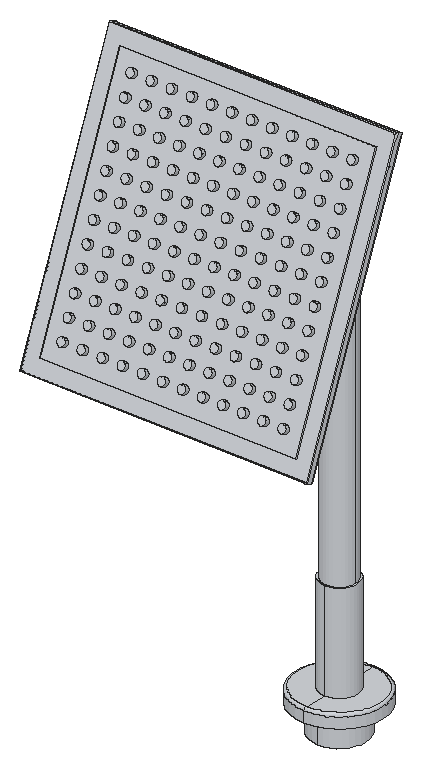
Revit family "BL-8730-11 REGADERA ISEO CUADRADA 21,5 CM", category Plumbing Fixtures, host Face, Revit 2018
Family settings
  Host = Face
  Round Connector Dimension = Use Diameter
  Part Type = Normal
  OmniClass Number = 23.31.11.00
  Cut with Voids When Loaded = No
  Shared = No
  Room Calculation Point = No
Parameters (values of type "BL-8730-11")
  Waste Water Outlet = ""
  Waste Connection = 1 = 0  # no
  Vent Connection = 1 = 0  # no
  URL = "https://www.gricol.com/"
  Type Image = <None>
  Profundidad = 350 mm
  Product Name = "REGADERA ISEO CUADRADA 21,5 CM\r"  # constant formula
  Presion Maxima = 125.00 psi
  Plastico ABS Cromado = Plastico ABS Cromado
  Model = "BL-8730-11"  # constant formula
  Metal Laton Cromado = Metal Laton Cromado
  Metal Acero Inoxidable Cromado = Metal Acero Inoxidable Cromado
  Manufacturer = "Gricol"  # constant formula
  Link Ficha Tecnica = "http://infotecnica.gricol.com/FT_BL873011.pdf"
  HW Connection = 1 = 1  # yes
  Ancho = 215.088 mm
  Description = "Regadera"  # constant formula
  Default Elevation = 0 mm
  Date Modified = ""
  Date Created = "05/28/2020"  # constant formula
  Copyright = "All rights reserved © Gricol - 2020."  # constant formula
  CW Connection = 1 = 1  # yes
  Assembly Code = ""
  Alto = 143.125 mm
Reference planes
  plane 1 "Center (Front/Back)": y = 0
  plane 2: z = 0
  plane 3 "Center (Left/Right)": x = 0
  plane 4: y = -125.769
  plane 5: x = -107.544
  plane 6: x = 107.544
  plane 7: z = 350
  plane 8: y = 68.974
  plane 9: y = -74.151
Dimensions and locks
  equal spacing: plane 5, plane 3 "Center (Left/Right)", plane 6
  "Ancho": plane 5 to plane 6
  "Profundidad": plane 7 to level
  "Alto": plane 8 to plane 9
  aligned and locked: plane 2 to host face
  aligned and locked: level to host face
Automatic sketch dimensions
  host sketch curve to host sketch curve = 2438.4 mm  (x2)
Nested families
  nested 1: "REGADERA ISEO CUADRADA 21,5 CM" at (-0.203, 42.302, 0), type "REGADERA ISEO CUADRADA 21,5 CM"
Connectors
  piping at (-0.203, 38.871, -20), diameter 12.7
    settings: on nested 1, index 1, connector inside diameter 24", connector length 0 mm, flow factor 0, pipe flow 0 GPM, pressure drop 0.00 psi, fitting loss kfactor 0, connector angle 0.00°, fixture units 0, engagement length 0 mm, angle of deflection 0.00°, flow configuration 0, flow direction 0, fitting loss method 0, system type 7, joint type 0, gender type 0, connector reference index -1, connector utility 0, adjustable connector no, is connector primary yes, connector description ""
Definition of nested family "REGADERA ISEO CUADRADA 21,5 CM"
  Parameters (values of type "REGADERA ISEO CUADRADA 21,5 CM")
    Plastico ABS Cromado [instance] = none
    Metal Laton Cromado [instance] = none
    Metal Acero Inoxidable Cromado [instance] = none
  Reference planes
    plane 1 "Center (Front/Back)": y = 0
    plane 2: z = 0
    plane 3 "Center (Left/Right)": x = 0
    plane 4: x = 31.75
    plane 5: x = -31.75
    plane 6: z = 201.612
    plane 7: y = -115.888
    plane 8: z = 360
    plane 9: x = -0.203
    plane 10: x = 0.203
    plane 11: z = 20.362
    plane 12: x = -107.35
    plane 13: x = 107.757
    plane 14: through (0, -65.359, 460.739) normal (0, -0.9205, 0.3907)
    plane 15: through (0, -79.621, 469.308) normal (0, -0.9205, 0.3907)
    plane 16: through (0, -112.916, 348.702) normal (0, 0.3907, 0.9205)
    plane 17: through (0, -67.827, 446.176) normal (0, 0.3907, 0.9205)
    plane 18: through (0, -161.602, 252.754) normal (0, 0.3907, 0.9205)
    plane 19: y = 29.264
    plane 20: y = -36.125
  Forms (mm)
    Revolve 1, solid, material <- "Metal Acero Inoxidable Cromado"
      sketch origin (0, 0, 0) x (0, 1, 0) y (0, 0, 1)
        loop
          line (-36.125, 0) -> (-23.437, 0) -> (-23.437, -20) -> (-9.056, -20) -> (-9.056, 0) -> (-9.056, 10.014) -> (-34.253, 10.014)
          arc (-34.253, 10.014) -> (-35.577, 9.465) -> (-36.125, 8.141) r 1.872
          line (-36.125, 8.141) -> (-36.125, 0)
        axis (-3.431, -20) -> (-3.431, 10.014)
      angle from 0 to 360
    Sweep 2, solid, material <- "Plastico ABS Cromado"
      path origin (0, 0, 5) x (0, 1, 0) y (0, 0, 1)
        loop
          line (-61.908, 326.02) -> (-24.056, 313.809)
          arc (-24.056, 313.809) -> (-8.964, 298.916) -> (-3.431, 278.448) r 40.625
          line (-3.431, 278.448) -> (-3.431, 78.448)
      profile origin (0, -3.431, 183.448) x (1, 0, 0) y (0, 1, 0)
        loop
          circle (0, 0) r 12
    Revolve 3, solid, material <- "Metal Acero Inoxidable Cromado", not visible, detail levels medium+fine
      sketch origin (0, 0, 0) x (0, 1, 0) y (0, 0, 1)
        loop
          arc (-90.688, 223.824) -> (-99.15, 216.983) -> (-107.326, 209.802) r 267.036
          arc (-107.326, 209.802) -> (-107.577, 209.271) -> (-107.384, 208.716) r 0.776
          arc (-107.384, 208.716) -> (-107.9, 208.971) -> (-108.441, 208.776) r 0.735
          arc (-108.441, 208.776) -> (-112.199, 205.23) -> (-115.888, 201.612) r 267.036
          line (-115.888, 201.612) -> (-32.464, 118.189) -> (-24.343, 126.311)
          arc (-24.343, 126.311) -> (-24.097, 126.905) -> (-24.343, 127.499) r 0.84
          line (-24.343, 127.499) -> (-37.252, 140.408)
          arc (-37.252, 140.408) -> (-40.21, 142.003) -> (-43.557, 141.708) r 5.855
          arc (-43.557, 141.708) -> (-45.369, 141.963) -> (-46.073, 143.652) r 1.847
          arc (-46.073, 143.652) -> (-45.999, 144.947) -> (-46.097, 146.24) r 9.762
          line (-46.097, 146.24) -> (-41.736, 150.6)
          arc (-41.736, 150.6) -> (-41.442, 151.236) -> (-41.629, 151.91) r 1.016
          arc (-41.629, 151.91) -> (-50.581, 167.091) -> (-56.708, 183.617) r 99.247
          arc (-56.708, 183.617) -> (-60.141, 202.073) -> (-60.509, 220.842) r 114.362
          arc (-60.509, 220.842) -> (-59.687, 228.74) -> (-58.22, 236.544) r 96.679
          line (-58.22, 236.544) -> (-57.145, 241.199)
          arc (-57.145, 241.199) -> (-57.521, 241.956) -> (-58.335, 241.735) r 0.665
          arc (-58.335, 241.735) -> (-58.207, 242.373) -> (-58.464, 242.971) r 1.096
          arc (-58.464, 242.971) -> (-58.99, 243.3) -> (-59.61, 243.264) r 1.026
          arc (-59.61, 243.264) -> (-65.36, 240.893) -> (-70.973, 238.214) r 115.076
          arc (-70.973, 238.214) -> (-71.395, 237.656) -> (-71.22, 236.98) r 0.802
          arc (-71.22, 236.98) -> (-71.674, 237.277) -> (-72.207, 237.169) r 0.714
          arc (-72.207, 237.169) -> (-81.561, 230.654) -> (-90.688, 223.824) r 333.945
        axis (-115.888, 201.612) -> (-32.464, 118.189)
      angle from 0 to 360
    Extrusion 4, void, not visible
      sketch origin (0, 42.862, 42.862) x (0, -0.707107, 0.707107) y (-1, 0, 0)
        loop
          line (131.044, -11.557) -> (111.264, -11.557)
          arc (111.264, -11.557) -> (110.878, -11.634) -> (110.551, -11.853) r 1.009
          line (110.551, -11.853) -> (108.651, -13.752) -> (131.044, -13.752) -> (131.044, -11.557)
      from -8.823 to 10.127
    Extrusion 5, solid, not visible, detail levels medium+fine
      sketch origin (0, -158.75, 158.75) x (0, 0.707107, 0.707107) y (-1, 0, 0)
        loop
          circle (60.617, -16.389) r 1.588
        loop
          circle (60.617, -26.741) r 1.588
        loop
          circle (60.617, -37.124) r 1.588
        loop
          circle (60.617, -47.508) r 1.588
        loop
          circle (74.824, -34.299) r 1.588
        loop
          circle (78.797, -43.891) r 1.588
        loop
          circle (72.205, -11.589) r 1.588
        loop
          circle (79.526, -18.909) r 1.588
        loop
          circle (86.868, -26.251) r 1.588
        loop
          circle (94.21, -33.593) r 1.588
        loop
          circle (94.915, -14.207) r 1.588
        loop
          circle (104.508, -18.18) r 1.588
        loop
          circle (77.006, 0) r 1.588
        loop
          circle (87.358, 0) r 1.588
        loop
          circle (97.741, 0) r 1.588
        loop
          circle (108.125, 0) r 1.588
        loop
          circle (60.617, 16.389) r 1.588
        loop
          circle (60.617, 26.741) r 1.588
        loop
          circle (60.617, 37.124) r 1.588
        loop
          circle (60.617, 47.508) r 1.588
        loop
          circle (74.824, 34.299) r 1.588
        loop
          circle (78.797, 43.891) r 1.588
        loop
          circle (72.205, 11.589) r 1.588
        loop
          circle (79.526, 18.909) r 1.588
        loop
          circle (86.868, 26.251) r 1.588
        loop
          circle (94.21, 33.593) r 1.588
        loop
          circle (94.915, 14.207) r 1.588
        loop
          circle (104.508, 18.18) r 1.588
        loop
          circle (46.41, -34.299) r 1.588
        loop
          circle (42.436, -43.891) r 1.588
        loop
          circle (49.028, -11.589) r 1.588
        loop
          circle (41.708, -18.909) r 1.588
        loop
          circle (34.366, -26.251) r 1.588
        loop
          circle (27.024, -33.593) r 1.588
        loop
          circle (26.318, -14.207) r 1.588
        loop
          circle (16.725, -18.18) r 1.588
        loop
          circle (44.228, 0) r 1.588
        loop
          circle (33.876, 0) r 1.588
        loop
          circle (23.492, 0) r 1.588
        loop
          circle (13.109, 0) r 1.588
        loop
          circle (46.41, 34.299) r 1.588
        loop
          circle (42.436, 43.891) r 1.588
        loop
          circle (49.028, 11.589) r 1.588
        loop
          circle (41.708, 18.909) r 1.588
        loop
          circle (34.366, 26.251) r 1.588
        loop
          circle (27.024, 33.593) r 1.588
        loop
          circle (26.318, 14.207) r 1.588
        loop
          circle (16.725, 18.18) r 1.588
      from -6.576 to 5.506
    Revolve 6, void, not visible
      sketch origin (0, 0, 0) x (0, 1, 0) y (0, 0, 1)
        loop
          arc (-91.228, 224.647) -> (-82.058, 231.509) -> (-72.659, 238.054) r 335.532
          line (-72.659, 238.054) -> (-80.683, 246.078) -> (-120.518, 206.243) -> (-116.578, 202.303)
          arc (-116.578, 202.303) -> (-104.255, 213.874) -> (-91.228, 224.647) r 268.624
        axis (-112.494, 198.219) -> (-120.518, 206.243)
      angle from 0 to 360
    Revolve 7, solid, material <- "Plastico ABS Cromado"
      sketch origin (0.203, -48.893, 1219.2) x (0, 1, 0) y (0, 0, 1)
        loop
          line (-12.389, -888.18) -> (-8.079, -875.556) -> (-24.093, -870.088) -> (-25.83, -869.485) -> (-26.838, -872.382) -> (-32.211, -870.514) -> (-29.853, -863.73)
          arc (-29.853, -863.73) -> (-30.574, -860.512) -> (-32.954, -858.229) r 5.707
          line (-32.954, -858.229) -> (-60.625, -848.776) -> (-67.638, -869.306) -> (-12.389, -888.18)
        axis (-12.389, -888.18) -> (-67.638, -869.306)
      angle from 0 to 360
    Sweep 8, solid, material <- "Plastico ABS Cromado"
      path origin (0, -134.562, 327.587) x (0, -0.390731, -0.920505) y (-1, 0, 0)
        loop
          line (79.275, 107.35) -> (-135.725, 107.35) -> (-135.725, -107.757) -> (79.275, -107.757) -> (79.275, 107.35)
      profile origin (-107.35, -123.533, 353.568) x (1, 0, 0) y (0, 0.920505, -0.390731)
        loop
          line (11.875, -2.761) -> (11.875, 2.488) -> (0.916, 2.488)
          arc (0.916, 2.488) -> (0.268, 2.22) -> (0, 1.572) r 0.916
          line (0, 1.572) -> (0, -1.91)
          arc (0, -1.91) -> (0.249, -2.512) -> (0.852, -2.761) r 0.852
          line (0.852, -2.761) -> (11.875, -2.761)
    SweptBlend 9, solid, material <- "Plastico ABS Cromado"
      path origin (0.203, -48.893, 1219.2) x (0, 1, 0) y (0, 0, 1)
        loop
          line (-72.48, -866.909) -> (-64.024, -870.498)
      profile origin (0.203, -121.372, 352.291) x (0, -0.390731, -0.920505) y (-1, 0, 0)
        loop
          line (-95.956, 95.678) -> (-95.956, -95.678) -> (95.294, -95.678) -> (95.294, 95.678) -> (-95.956, 95.678)
      end profile origin (0.203, -112.916, 348.702) x (0, -0.390731, -0.920505) y (-1, 0, 0)
        loop
          line (85.294, 85.678) -> (-85.956, 85.678) -> (-85.956, -85.678) -> (85.294, -85.678) -> (85.294, 85.678)
    Extrusion 10, solid, material <- "Metal Acero Inoxidable Cromado"
      sketch origin (0, -79.621, 469.308) x (0, 0.390731, 0.920505) y (-1, 0, 0)
        loop
          line (-28.073, 95.475) -> (-219.323, 95.475) -> (-219.323, -95.882) -> (-28.073, -95.882) -> (-28.073, 95.475)
      from -1.455 to -2.041
    Extrusion 11, solid, material <- "Metal Acero Inoxidable Cromado"
      sketch origin (0, -79.621, 469.308) x (0, 0.390731, 0.920505) y (-1, 0, 0)
        loop
          circle (-40.15, 81.848) r 2.987
        loop
          circle (-40.15, 66.848) r 2.987
        loop
          circle (-40.15, 51.848) r 2.987
        loop
          circle (-40.15, 36.848) r 2.987
        loop
          circle (-40.15, 21.848) r 2.987
        loop
          circle (-40.15, 6.848) r 2.987
        loop
          circle (-40.15, -8.152) r 2.987
        loop
          circle (-40.15, -23.152) r 2.987
        loop
          circle (-40.15, -38.152) r 2.987
        loop
          circle (-40.15, -53.152) r 2.987
        loop
          circle (-40.15, -68.152) r 2.987
        loop
          circle (-40.15, -83.152) r 2.987
        loop
          circle (-55.15, 81.848) r 2.987
        loop
          circle (-55.15, 66.848) r 2.987
        loop
          circle (-55.15, 51.848) r 2.987
        loop
          circle (-55.15, 36.848) r 2.987
        loop
          circle (-55.15, 21.848) r 2.987
        loop
          circle (-55.15, 6.848) r 2.987
        loop
          circle (-55.15, -8.152) r 2.987
        loop
          circle (-55.15, -23.152) r 2.987
        loop
          circle (-55.15, -38.152) r 2.987
        loop
          circle (-55.15, -53.152) r 2.987
        loop
          circle (-55.15, -68.152) r 2.987
        loop
          circle (-55.15, -83.152) r 2.987
        loop
          circle (-70.15, 81.848) r 2.987
        loop
          circle (-70.15, 66.848) r 2.987
        loop
          circle (-70.15, 51.848) r 2.987
        loop
          circle (-70.15, 36.848) r 2.987
        loop
          circle (-70.15, 21.848) r 2.987
        loop
          circle (-70.15, 6.848) r 2.987
        loop
          circle (-70.15, -8.152) r 2.987
        loop
          circle (-70.15, -23.152) r 2.987
        loop
          circle (-70.15, -38.152) r 2.987
        loop
          circle (-70.15, -53.152) r 2.987
        loop
          circle (-70.15, -68.152) r 2.987
        loop
          circle (-70.15, -83.152) r 2.987
        loop
          circle (-85.15, 81.848) r 2.987
        loop
          circle (-85.15, 66.848) r 2.987
        loop
          circle (-85.15, 51.848) r 2.987
        loop
          circle (-85.15, 36.848) r 2.987
        loop
          circle (-85.15, 21.848) r 2.987
        loop
          circle (-85.15, 6.848) r 2.987
        loop
          circle (-85.15, -8.152) r 2.987
        loop
          circle (-85.15, -23.152) r 2.987
        loop
          circle (-85.15, -38.152) r 2.987
        loop
          circle (-85.15, -53.152) r 2.987
        loop
          circle (-85.15, -68.152) r 2.987
        loop
          circle (-85.15, -83.152) r 2.987
        loop
          circle (-100.15, 81.848) r 2.987
        loop
          circle (-100.15, 66.848) r 2.987
        loop
          circle (-100.15, 51.848) r 2.987
        loop
          circle (-100.15, 36.848) r 2.987
        loop
          circle (-100.15, 21.848) r 2.987
        loop
          circle (-100.15, 6.848) r 2.987
        loop
          circle (-100.15, -8.152) r 2.987
        loop
          circle (-100.15, -23.152) r 2.987
        loop
          circle (-100.15, -38.152) r 2.987
        loop
          circle (-100.15, -53.152) r 2.987
        loop
          circle (-100.15, -68.152) r 2.987
        loop
          circle (-100.15, -83.152) r 2.987
        loop
          circle (-115.15, 81.848) r 2.987
        loop
          circle (-115.15, 66.848) r 2.987
        loop
          circle (-115.15, 51.848) r 2.987
        loop
          circle (-115.15, 36.848) r 2.987
        loop
          circle (-115.15, 21.848) r 2.987
        loop
          circle (-115.15, 6.848) r 2.987
        loop
          circle (-115.15, -8.152) r 2.987
        loop
          circle (-115.15, -23.152) r 2.987
        loop
          circle (-115.15, -38.152) r 2.987
        loop
          circle (-115.15, -53.152) r 2.987
        loop
          circle (-115.15, -68.152) r 2.987
        loop
          circle (-115.15, -83.152) r 2.987
        loop
          circle (-130.15, 81.848) r 2.987
        loop
          circle (-130.15, 66.848) r 2.987
        loop
          circle (-130.15, 51.848) r 2.987
        loop
          circle (-130.15, 36.848) r 2.987
        loop
          circle (-130.15, 21.848) r 2.987
        loop
          circle (-130.15, 6.848) r 2.987
        loop
          circle (-130.15, -8.152) r 2.987
        loop
          circle (-130.15, -23.152) r 2.987
        loop
          circle (-130.15, -38.152) r 2.987
        loop
          circle (-130.15, -53.152) r 2.987
        loop
          circle (-130.15, -68.152) r 2.987
        loop
          circle (-130.15, -83.152) r 2.987
        loop
          circle (-145.15, 81.848) r 2.987
        loop
          circle (-145.15, 66.848) r 2.987
        loop
          circle (-145.15, 51.848) r 2.987
        loop
          circle (-145.15, 36.848) r 2.987
        loop
          circle (-145.15, 21.848) r 2.987
        loop
          circle (-145.15, 6.848) r 2.987
        loop
          circle (-145.15, -8.152) r 2.987
        loop
          circle (-145.15, -23.152) r 2.987
        loop
          circle (-145.15, -38.152) r 2.987
        loop
          circle (-145.15, -53.152) r 2.987
        loop
          circle (-145.15, -68.152) r 2.987
        loop
          circle (-145.15, -83.152) r 2.987
        loop
          circle (-160.15, 81.848) r 2.987
        loop
          circle (-160.15, 66.848) r 2.987
        loop
          circle (-160.15, 51.848) r 2.987
        loop
          circle (-160.15, 36.848) r 2.987
        loop
          circle (-160.15, 21.848) r 2.987
        loop
          circle (-160.15, 6.848) r 2.987
        loop
          circle (-160.15, -8.152) r 2.987
        loop
          circle (-160.15, -23.152) r 2.987
        loop
          circle (-160.15, -38.152) r 2.987
        loop
          circle (-160.15, -53.152) r 2.987
        loop
          circle (-160.15, -68.152) r 2.987
        loop
          circle (-160.15, -83.152) r 2.987
        loop
          circle (-175.15, 81.848) r 2.987
        loop
          circle (-175.15, 66.848) r 2.987
        loop
          circle (-175.15, 51.848) r 2.987
        loop
          circle (-175.15, 36.848) r 2.987
        loop
          circle (-175.15, 21.848) r 2.987
        loop
          circle (-175.15, 6.848) r 2.987
        loop
          circle (-175.15, -8.152) r 2.987
        loop
          circle (-175.15, -23.152) r 2.987
        loop
          circle (-175.15, -38.152) r 2.987
        loop
          circle (-175.15, -53.152) r 2.987
        loop
          circle (-175.15, -68.152) r 2.987
        loop
          circle (-175.15, -83.152) r 2.987
        loop
          circle (-190.15, 81.848) r 2.987
        loop
          circle (-190.15, 66.848) r 2.987
        loop
          circle (-190.15, 51.848) r 2.987
        loop
          circle (-190.15, 36.848) r 2.987
        loop
          circle (-190.15, 21.848) r 2.987
        loop
          circle (-190.15, 6.848) r 2.987
        loop
          circle (-190.15, -8.152) r 2.987
        loop
          circle (-190.15, -23.152) r 2.987
        loop
          circle (-190.15, -38.152) r 2.987
        loop
          circle (-190.15, -53.152) r 2.987
        loop
          circle (-190.15, -68.152) r 2.987
        loop
          circle (-190.15, -83.152) r 2.987
        loop
          circle (-205.15, 81.848) r 2.987
        loop
          circle (-205.15, 66.848) r 2.987
        loop
          circle (-205.15, 51.848) r 2.987
        loop
          circle (-205.15, 36.848) r 2.987
        loop
          circle (-205.15, 21.848) r 2.987
        loop
          circle (-205.15, 6.848) r 2.987
        loop
          circle (-205.15, -8.152) r 2.987
        loop
          circle (-205.15, -23.152) r 2.987
        loop
          circle (-205.15, -38.152) r 2.987
        loop
          circle (-205.15, -53.152) r 2.987
        loop
          circle (-205.15, -68.152) r 2.987
        loop
          circle (-205.15, -83.152) r 2.987
      from -2.041 to 1
    Revolve 12, solid, material <- "Metal Laton Cromado"
      sketch origin (0, 0, 0) x (0, 1, 0) y (0, 0, 1)
        loop
          line (-7.181, 83.448) -> (-17.187, 83.448) -> (-17.187, 10.014) -> (-7.181, 10.014) -> (-7.181, 83.448)
        axis (-3.431, 10.014) -> (-3.431, 83.448)
      angle from 0 to 360
  Dimensions and locks
    locked: plane 5 to plane 4 at 63.5
    plane 8 to level = 360 mm  (x2)
    plane 11 to level = 20.362 mm
    plane 12 to plane 13 = 215.107 mm
    equal spacing: plane 12, plane 10, plane 13
    Revolve 1 sketch curve to Revolve 1 sketch curve = 27.069 mm
    plane 17 to plane 16 to plane 18 = 107.343 mm, 107.343 mm
    plane 17 to plane 18 = 214.686 mm
    Sweep 8 sketch curve to Sweep 8 sketch curve = 215.107 mm
    plane 19 to plane 20 = 65.389 mm
    aligned and locked: plane 2 to level
  Automatic sketch dimensions
    Revolve 3 sketch curve to Revolve 3 sketch curve = 0 mm  (x16)
    Revolve 3 sketch curve to Revolve 3 sketch curve = 1.139 mm
    Revolve 3 sketch curve to Revolve 3 sketch curve = 1.201 mm
    Revolve 3 sketch curve to Revolve 3 sketch curve = 11.31 mm
    Revolve 3 sketch curve to Revolve 3 sketch curve = 0.053 mm
    Revolve 3 sketch curve to Revolve 3 sketch curve = 1.078 mm
    Revolve 3 sketch curve to Revolve 3 sketch curve = 1.451 mm
    Revolve 3 sketch curve to Revolve 3 sketch curve = 0.648 mm
    Revolve 3 sketch curve to Revolve 3 sketch curve = 9.663 mm
    Revolve 3 sketch curve to Revolve 3 sketch curve = 1.857 mm
    Revolve 3 sketch curve to Revolve 3 sketch curve = 3.642 mm
    Revolve 3 sketch curve to Revolve 3 sketch curve = 0.718 mm  (x2)
    Revolve 3 sketch curve to Revolve 3 sketch curve = 2.847 mm
    Revolve 3 sketch curve to Revolve 3 sketch curve = 0.594 mm  (x3)
    Revolve 3 sketch curve to Revolve 3 sketch curve = 5.724 mm
    Revolve 3 sketch curve to Revolve 3 sketch curve = 3.065 mm
    Revolve 3 sketch curve to Revolve 3 sketch curve = 14.583 mm
    Revolve 3 sketch curve to Revolve 3 sketch curve = 40.998 mm
    Revolve 3 sketch curve to Revolve 3 sketch curve = 8.237 mm
    Revolve 3 sketch curve to Revolve 3 sketch curve = 9.364 mm
    Revolve 3 sketch curve to Revolve 3 sketch curve = 4.14 mm  (x2)
    Revolve 3 sketch curve to Revolve 3 sketch curve = 3.016 mm
    Revolve 3 sketch curve to Revolve 3 sketch curve = 1.43 mm
    Revolve 3 sketch curve to Revolve 3 sketch curve = 2.815 mm
    Revolve 3 sketch curve to Revolve 3 sketch curve = 4.361 mm
    Revolve 3 sketch curve to Revolve 3 sketch curve = 0.992 mm
    Revolve 3 sketch curve to Revolve 3 sketch curve = 3.975 mm
    Revolve 3 sketch curve to Revolve 3 sketch curve = 5.081 mm
    Revolve 3 sketch curve to Revolve 3 sketch curve = 0.032 mm
    Revolve 3 sketch curve to Revolve 3 sketch curve = 0.923 mm
    Revolve 3 sketch curve to Revolve 3 sketch curve = 4.655 mm
    Revolve 3 sketch curve to Revolve 3 sketch curve = 0.15 mm
    Revolve 3 sketch curve to Revolve 3 sketch curve = 0.911 mm
    Revolve 3 sketch curve to Revolve 3 sketch curve = 0.046 mm
    Revolve 3 sketch curve to Revolve 3 sketch curve = 0.557 mm
    Revolve 3 sketch curve to Revolve 3 sketch curve = 0.589 mm
    Extrusion 4 sketch curve to Extrusion 4 sketch curve = 1.899 mm
    Extrusion 4 sketch curve to Extrusion 4 sketch curve = 0.714 mm
    Extrusion 4 sketch curve to Extrusion 4 sketch curve = 19.78 mm
    Extrusion 4 sketch curve to Extrusion 4 sketch curve = 2.195 mm
    Extrusion 5 sketch curve to Extrusion 5 sketch curve = 4.8 mm  (x3)
    Extrusion 5 sketch curve to Extrusion 5 sketch curve = 3.974 mm  (x8)
    Extrusion 5 sketch curve to Extrusion 5 sketch curve = 7.32 mm  (x8)
    Extrusion 5 sketch curve to Extrusion 5 sketch curve = 7.342 mm  (x16)
    Extrusion 5 sketch curve to Extrusion 5 sketch curve = 10.352 mm  (x4)
    Extrusion 5 sketch curve to Extrusion 5 sketch curve = 8.048 mm  (x6)
    Extrusion 5 sketch curve to Extrusion 5 sketch curve = 10.383 mm  (x8)
    Extrusion 5 sketch curve to Extrusion 5 sketch curve = 9.593 mm  (x8)
    Revolve 6 sketch curve to Revolve 6 sketch curve = 40.998 mm
    Revolve 3 sketch curve to Revolve 3 sketch curve = 7.946 mm
    Revolve 3 sketch curve to Revolve 3 sketch curve = 34.994 mm
    Revolve 3 sketch curve to Revolve 3 sketch curve = 52.182 mm
    Revolve 3 sketch curve to Revolve 3 sketch curve = 8.928 mm
    Revolve 3 sketch curve to Revolve 3 sketch curve = 7.527 mm
    Revolve 3 sketch curve to Revolve 3 sketch curve = 54.6 mm
    Revolve 3 sketch curve to Revolve 3 sketch curve = 105.4 mm  (x2)
    Revolve 3 sketch curve to Revolve 3 sketch curve = 52.877 mm
    Revolve 3 sketch curve to Revolve 3 sketch curve = 8.121 mm
    Revolve 3 sketch curve to Revolve 3 sketch curve = 6.625 mm
    Revolve 3 sketch curve to Revolve 3 sketch curve = 73.979 mm
    Revolve 3 sketch curve to Revolve 3 sketch curve = 12.72 mm
    Revolve 3 sketch curve to Revolve 3 sketch curve = 3.983 mm  (x2)
    Extrusion 4 sketch curve to Extrusion 4 sketch curve = 0.296 mm
    Extrusion 5 sketch curve to Extrusion 5 sketch curve = 3.616 mm  (x3)
    Extrusion 5 sketch curve to Extrusion 5 sketch curve = 15.413 mm  (x4)
    Extrusion 5 sketch curve to Extrusion 5 sketch curve = 14.207 mm  (x7)
    Extrusion 5 sketch curve to Extrusion 5 sketch curve = 18.18 mm
    Extrusion 5 sketch curve to Extrusion 5 sketch curve = 0 mm  (x10)
    Extrusion 5 sketch curve to Extrusion 5 sketch curve = 11.589 mm  (x6)
    Extrusion 5 sketch curve to Extrusion 5 sketch curve = 10.298 mm  (x2)
    Revolve 6 sketch curve to Revolve 6 sketch curve = 3.94 mm  (x2)
    Revolve 6 sketch curve to Revolve 6 sketch curve = 39.835 mm
    Revolve 6 sketch curve to Revolve 6 sketch curve = 8.023 mm
    Revolve 6 sketch curve to Revolve 6 sketch curve = 189.946 mm  (x2)
    Revolve 6 sketch curve to Revolve 6 sketch curve = 52.877 mm
    Revolve 6 sketch curve to Revolve 6 sketch curve = 0.432 mm  (x2)
    Revolve 6 sketch curve to Revolve 6 sketch curve = 4.49 mm  (x2)
    plane 1 "Center (Front/Back)" to Sweep 2 sketch curve = 3.431 mm
    Sweep 2 sketch curve to plane 8 = 76.552 mm
    plane 11 to Sweep 2 sketch curve = 63.086 mm
    Sweep 2 sketch curve to plane 8 = 28.98 mm
    Sweep 2 sketch curve to plane 3 "Center (Left/Right)" = 0 mm
    profile plane to Sweep 2 sketch curve = 0 mm
    Revolve 7 sketch curve to plane 7 = 0.643 mm
    plane 7 to Revolve 7 sketch curve = 6.37 mm
    plane 8 to Revolve 7 sketch curve = 4.114 mm
    Revolve 7 sketch curve to Revolve 7 sketch curve = 25.08 mm
    Revolve 7 sketch curve to plane 8 = 0.971 mm
    Revolve 7 sketch curve to Revolve 7 sketch curve = 2.591 mm
    plane 8 to Revolve 7 sketch curve = 11.314 mm
    Revolve 7 sketch curve to Revolve 7 sketch curve = 3.333 mm
    plane 8 to Revolve 7 sketch curve = 4.53 mm
    plane 8 to Revolve 7 sketch curve = 13.182 mm
    plane 8 to Revolve 7 sketch curve = 10.285 mm
    plane 8 to Revolve 7 sketch curve = 10.888 mm
    Revolve 7 sketch curve to Revolve 7 sketch curve = 14.449 mm
    plane 8 to Revolve 7 sketch curve = 16.356 mm
    Revolve 7 sketch curve to Revolve 7 sketch curve = 4.31 mm
    plane 7 to Revolve 7 sketch curve = 1.332 mm
    Revolve 7 sketch curve to Revolve 7 sketch curve = 0.001 mm
    Revolve 7 sketch curve to Revolve 7 sketch curve = 0 mm
    Revolve 7 sketch curve to Revolve 7 sketch curve = 0.675 mm
    Sweep 8 sketch curve to plane 12 = 0 mm
    plane 17 to Sweep 8 sketch curve = 0.488 mm
    plane 18 to Sweep 8 sketch curve = 0.174 mm
    Sweep 8 sketch curve to profile plane = 0 mm
    Sweep 8 sketch curve to profile plane = 0.852 mm
    Sweep 8 sketch curve to profile plane = 0.916 mm
    Sweep 8 sketch curve to profile plane = 2.761 mm
    Sweep 8 sketch curve to Sweep 8 sketch curve = 11.023 mm
    profile plane to Sweep 8 sketch curve = 1.572 mm
    SweptBlend 9 sketch curve to plane 16 = 0 mm  (x2)
    SweptBlend 9 sketch curve to plane 14 = 0 mm
    SweptBlend 9 sketch curve to plane 7 = 5.485 mm
    profile plane to SweptBlend 9 sketch curve = 95.956 mm
    SweptBlend 9 sketch curve to profile plane = 95.294 mm
    SweptBlend 9 sketch curve to plane 10 = 95.678 mm
    plane 10 to SweptBlend 9 sketch curve = 95.678 mm
    profile plane to SweptBlend 9 sketch curve = 85.956 mm
    SweptBlend 9 sketch curve to profile plane = 85.294 mm
    SweptBlend 9 sketch curve to plane 10 = 85.678 mm
    plane 10 to SweptBlend 9 sketch curve = 85.678 mm
    plane 18 to Extrusion 10 sketch curve = 12.049 mm
    Extrusion 10 sketch curve to plane 17 = 11.387 mm
    Extrusion 10 sketch curve to plane 13 = 11.875 mm
    plane 12 to Extrusion 10 sketch curve = 11.875 mm
    plane 18 to Extrusion 11 sketch curve = 26.221 mm
    Extrusion 11 sketch curve to Extrusion 11 sketch curve = 0 mm  (x103)
    plane 4 to Extrusion 11 sketch curve = 6.402 mm  (x12)
    plane 9 to Extrusion 11 sketch curve = 6.645 mm  (x12)
    plane 5 to Extrusion 11 sketch curve = 5.098 mm  (x12)
    Extrusion 11 sketch curve to Extrusion 11 sketch curve = 15 mm  (x88)
    Extrusion 11 sketch curve to plane 16 = 6.122 mm  (x12)
    plane 16 to Extrusion 11 sketch curve = 8.878 mm  (x12)
    Extrusion 11 sketch curve to plane 4 = 8.598 mm  (x12)
    Extrusion 11 sketch curve to plane 10 = 7.948 mm  (x12)
    Extrusion 11 sketch curve to plane 5 = 9.902 mm  (x12)
    level to Revolve 12 sketch curve = 10.014 mm
    plane 11 to Revolve 12 sketch curve = 63.086 mm
    plane 1 "Center (Front/Back)" to Revolve 12 sketch curve = 3.431 mm
    plane 11 to Revolve 12 sketch curve = 16.213 mm
    Revolve 12 sketch curve to Revolve 12 sketch curve = 12.553 mm
    plane 1 "Center (Front/Back)" to Revolve 12 sketch curve = 7.181 mm
    Revolve 12 sketch curve to Revolve 12 sketch curve = 10.006 mm
    plane 1 "Center (Front/Back)" to Sweep 2 sketch curve = 24.056 mm
    Sweep 2 sketch curve to Sweep 2 sketch curve = 40.625 mm
    Sweep 2 sketch curve to Sweep 2 sketch curve = 37.852 mm
    Revolve 1 sketch curve to level = 0 mm  (x2)
    Revolve 1 sketch curve to plane 20 = 0 mm
    plane 20 to Revolve 1 sketch curve = 1.872 mm
    plane 20 to Revolve 1 sketch curve = 12.688 mm
    Revolve 1 sketch curve to level = 20 mm
    Revolve 1 sketch curve to Revolve 1 sketch curve = 8.141 mm
    plane 1 "Center (Front/Back)" to Revolve 1 sketch curve = 3.431 mm
    plane 11 to Revolve 1 sketch curve = 16.213 mm
    Revolve 1 sketch curve to Revolve 1 sketch curve = 85.988 mm
    radius of Extrusion 5 sketch curve = 1.588 mm  (x48)
    radius of Sweep 2 sketch curve = 12 mm
    radius of Extrusion 11 sketch curve = 2.987 mm  (x144)
